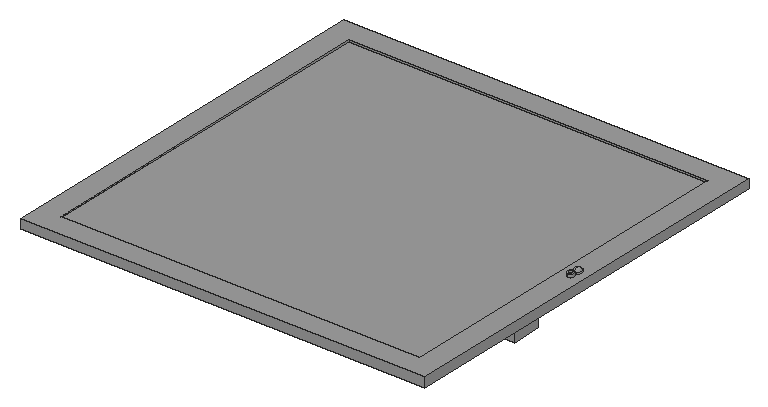
Revit family "0047040 START PANEL FLAT UGR19 600X600 840 SSH", category Lighting Fixtures, host Face, Revit 2016
Family settings
  Host = Face
  Part Type = Normal
  Round Connector Dimension = Use Diameter
  OmniClass Number = 23.80.70.00
  OmniClass Title = Lighting
  Cut with Voids When Loaded = No
  Light Source = Yes
  Shared = No
  Room Calculation Point = No
Parameters
  Weight = "4.4 kg"
  Wattage Comments = ""
  Wattage = 32 W
  WarrantyStartDate [instance] = "n/a"
  WarrantyGuarantorParts = "n/a"
  WarrantyDurationUnit = "n/a"
  WarrantyDurationParts = "n/a"
  WarrantyDescription = "n/a"
  built-in parameter 1150110 = 1 (stored number, unit not read)
  Voltage = 230 V
  URL = "http://www.sylvania-lighting.com"
  TypeName = "START PANEL FLAT UGR19 600X600 840 SSH"
  Type Image = <None>
  Type Comments = "n/a"
  built-in parameter 1114217 = 1 (stored number, unit not read)
  Tilt Angle = -90.00°
  built-in parameter 1150109 = 1 (stored number, unit not read)
  built-in parameter 1150134 = 12
  built-in parameter 1150113 = 1 (stored number, unit not read)
  SerialNumber [instance] = "n/a"
  Photometric Web File = "0047040.ies"
  Material_3_FEILO = none
  PowerFactor = 0
  PowerConsumption = "32 W"
  NominalLength = 596 mm
  NominalHeight = 50 mm
  NominalDepth = 596 mm
  Name = "START PANEL FLAT UGR19 600X600 840 SSH"
  ModelReference = Name  # "START PANEL FLAT UGR19 600X600 840 SSH"
  ModelNumber = "0047040"
  Model = Name  # "START PANEL FLAT UGR19 600X600 840 SSH"
  Material = "n/a"
  ManufacturerName = "Feilo Sylvania"
  Manufacturer = "Feilo Sylvania"
  LuminousEfficacy = "109.3 lm/W"
  built-in parameter 1150105 = 1421.5 (stored number, unit not read)
  Lumens = 3497.6 lm
  LuminaireType = ""
  built-in parameter 1150115 = 1 (stored number, unit not read)
  LightOutputRatio = "n/a"
  built-in parameter 1150137 = (empty or 0)
  built-in parameter 1150139 = (empty or 0)
  Length_SYL = 596 mm
  LengthInner_SYL = 530 mm
  LampsType = Lamp  # "LED"
  LampNominalLuminous = "3500 lm"
  LampMacAdamStep = "n/a"
  LampColourTemperature = "4000 K"
  LampColourRenderingIndex = "80"
  built-in parameter 1150112 = 1 (stored number, unit not read)
  built-in parameter 1150114 = 1 (stored number, unit not read)
  Lamp = "LED"
  Keynote = "16500"
  InstallationDate [instance] = "n/a"
  InputVoltage = "220-240V~"
  InputNominalFrequency = "50/60 Hz"
  built-in parameter 1150132 = (empty or 0)
  built-in parameter 1150102 = (empty or 0)
  built-in parameter 1150107 = 4000 (stored number, unit not read)
  built-in parameter 1150138 = (empty or 0)
  IngressProtection = "IP20/40"
  ImpactProtectionIndex = "IK06"
  built-in parameter 1150106 = 14.215 (stored number, unit not read)
  IfcExportType = "IfcLightFixtureType"
  IfcExportAs = "IfcLightFixtureType"
  ExpectedLife = 50000
  Emit from Rectangle Width = 540 mm
  Emit from Rectangle Length = 540 mm
  Emit Shape Visible in Rendering = no
  ElectricShockClassification = "Class II"
  built-in parameter 1150104 = 10.154 (stored number, unit not read)
  DurationUnit = "hours"
  DocumentationLiterature = "http://www.sylvania-lighting.com/product/en-int/products/0047040"
  DimmingControlOptions = "n/a"
  Material_2_FEILO = LED-Sylvania-StartFlat
  Dimming Lamp Color Temperature Shift = (empty or 0)
  Description = ""
  Default Elevation = 1219.2 mm
  CreatedOn = "8/13/2018"
  CreatedBy = "@sylvania-lighting.com"
  Cost = 0
  Color Filter = 16777215
  built-in parameter 1114216 [instance] = (empty or 0)
  ClassificationValue = "EF_70_80"
  ClassificationName = "Uniclass2015"
  Material_1_FEILO = Body-Sylvania-StartFlat-White
  BarCode [instance] = "n/a"
  built-in parameter 1114218 = 1 (stored number, unit not read)
  built-in parameter 1150133 = 10 (stored number, unit not read)
  AssetType = "Fixed"
  AssetIdentifier [instance] = "n/a"
  Assembly Code = "D5020200"
  Apparent Load = 32 VA
  Material_4_FEILO = none
Reference planes
  plane 1 "Center (Front/Back)": y = 0
  plane 2: z = 0
  plane 3 "Center (Left/Right)": x = 0
  plane 4: x = 298
  plane 5: x = -298
  plane 6: y = 298
  plane 7: y = -298
  plane 8: x = -265
  plane 9: y = 265
  plane 10: x = 265
  plane 11: y = -265
  plane 12: y = 39.5
  plane 13: y = -39.5
  plane 14: x = -61.5
  plane 15: x = 61.5
  plane 16: y = -85
  plane 17: y = -128
  plane 18: x = 294
  plane 19: z = 13.5
  plane 20: z = -17
  plane 21: z = -30
  plane 22: x = -50.5
  plane 23: z = -19
  plane 24: z = 11.5
  plane 25: y = 6.5
  plane 26: y = -6.5
  plane 27: x = 280
  plane 28: y = 12.5
  plane 29: y = 0.5
  plane 30: z = 18.4
Forms (mm)
  Extrusion 1, solid, material "Body-Sylvania-StartFlat-White" <- "Material_1_FEILO"
    sketch origin (0, 0, 0) x (1, 0, 0) y (0, 1, 0)
      loop
        line (-298, 298) -> (-298, -298) -> (298, -298) -> (298, 298) -> (-298, 298)
      loop
        line (-265, 265) -> (-265, -265) -> (265, -265) -> (265, 265) -> (-265, 265)
    from 0 to 13.5
  Extrusion 2, solid, material "Body-Sylvania-StartFlat-White" <- "Material_1_FEILO"
    sketch origin (0, 0, 0) x (1, 0, 0) y (0, 1, 0)
      loop
        line (-265, 265) -> (-265, -265) -> (265, -265) -> (265, 265) -> (-265, 265)
    from 0 to 11.5
  Extrusion 3, solid, material "Body-Sylvania-StartFlat-White" <- "Material_1_FEILO"
    sketch origin (0, 0, 0) x (1, 0, 0) y (0, 0, 1)
      loop
        line (-61.5, 0) -> (-61.5, -19) -> (-50.5, -30) -> (61.5, -30) -> (61.5, 0) -> (-61.5, 0)
    from 39.5 to -39.5
  Extrusion 4, solid, material "Body-Sylvania-StartFlat-White" <- "Material_1_FEILO"
    sketch origin (0, 0, 0) x (1, 0, 0) y (0, 1, 0)
      loop
        line (294, -128) -> (294, -85) -> (265, -85) -> (265, -128) -> (294, -128)
    from 0 to -17
  Revolve 5, solid, material "Body-Sylvania-StartFlat-White" <- "Material_1_FEILO"
    sketch origin (280, 270, 1219.2) x (0, 1, 0) y (0, 0, 1)
      loop
        line (-263.5, -1205.7) -> (-257.5, -1205.7) -> (-257.5, -1204.752) -> (-258.442, -1204.752)
        arc (-258.442, -1204.752) -> (-260.251, -1201.854) -> (-263.5, -1200.8) r 4.987
        line (-263.5, -1200.8) -> (-263.5, -1205.7)
      axis (-263.5, -1200.8) -> (-263.5, -1205.7)
    angle from 360 to 0
  Revolve 6, solid, material "Body-Sylvania-StartFlat-White" <- "Material_1_FEILO"
    sketch origin (280, 270, 1219.2) x (0, 1, 0) y (0, 0, 1)
      loop
        line (-276.5, -1205.7) -> (-271.9, -1205.7) -> (-272.254, -1201.649)
        arc (-272.254, -1201.649) -> (-272.424, -1201.304) -> (-272.782, -1201.165) r 0.53
        line (-272.782, -1201.165) -> (-273.654, -1201.165) -> (-273.943, -1204.474) -> (-276.5, -1204.474) -> (-276.5, -1205.7)
      axis (-276.5, -1201.165) -> (-276.5, -1205.7)
    angle from 360 to 0
Cuts and joins
  joined: Extrusion 1, Extrusion 2
Dimensions and locks
  equal spacing: plane 7, plane 1 "Center (Front/Back)", plane 6
  equal spacing: plane 5, plane 3 "Center (Left/Right)", plane 4
  "Length_SYL": plane 5 to plane 4
  "Length_SYL": plane 7 to plane 6
  equal spacing: plane 8, plane 3 "Center (Left/Right)", plane 10
  equal spacing: plane 11, plane 1 "Center (Front/Back)", plane 9
  locked: plane 17 to plane 16 at 43
  equal spacing: plane 14, plane 3 "Center (Left/Right)", plane 15
  plane 14 to plane 15 = 123 mm
  locked: plane 18 to plane 4 at 4
  locked: plane 19 to plane 2 at 13.5
  locked: plane 2 to plane 20 at 17
  locked: plane 2 to plane 21 at 30
  locked: plane 22 to plane 14 at 11
  locked: plane 23 to plane 21 at 11
  locked: plane 19 to plane 24 at 2
  plane 26 to plane 1 "Center (Front/Back)" to plane 25 = 6.5 mm locked, 6.5 mm locked
  locked: plane 10 to plane 27 at 15
  "LengthInner_SYL": plane 8 to plane 10
  "LengthInner_SYL": plane 11 to plane 9
  aligned and locked: plane 2 to host face
  aligned and locked: level to host face
  aligned and locked: plane 6 to Extrusion 1 sketch curve
  aligned and locked: plane 5 to Extrusion 1 sketch curve
  aligned and locked: Extrusion 1 sketch curve to plane 7
  aligned and locked: Extrusion 1 sketch curve to plane 4
  aligned and locked: plane 9 to Extrusion 1 sketch curve
  aligned and locked: plane 8 to Extrusion 1 sketch curve
  aligned and locked: Extrusion 1 sketch curve to plane 11
  aligned and locked: Extrusion 1 sketch curve to plane 10
  aligned and locked: Extrusion 1 to plane 19
  aligned and locked: Extrusion 1 to level
  aligned and locked: Extrusion 2 sketch curve to Extrusion 1  (x4)
  aligned and locked: Extrusion 2 to level
  aligned and locked: Extrusion 2 to plane 24
  aligned and locked: level to Extrusion 3 sketch curve  (x2)
  aligned and locked: Extrusion 3 sketch curve to plane 14
  aligned and locked: Extrusion 3 sketch curve to plane 21
  aligned and locked: plane 15 to Extrusion 3 sketch curve
  aligned and locked: plane 13 to Extrusion 3
  aligned and locked: Extrusion 3 to plane 12
  aligned and locked: Extrusion 4 sketch curve to plane 17
  aligned and locked: Extrusion 4 sketch curve to plane 18
  aligned and locked: plane 16 to Extrusion 4 sketch curve
  aligned and locked: plane 10 to Extrusion 4 sketch curve
  aligned and locked: Extrusion 4 to plane 20
  aligned and locked: level to Extrusion 4
  aligned and locked: Revolve 5 sketch curve to plane 25
  aligned and locked: Revolve 5 sketch curve to plane 28
  aligned and locked: plane 30 to Revolve 5 sketch curve
  aligned and locked: Revolve 6 sketch curve to plane 26
  aligned and locked: plane 26 to Revolve 6 sketch curve  (x2)
  aligned and locked: plane 19 to Revolve 6 sketch curve
  aligned and locked: plane 3 "Center (Left/Right)" to imposter light
  aligned and locked: imposter light to plane 24
  aligned and locked: imposter light to plane 1 "Center (Front/Back)"
Automatic sketch dimensions
  host sketch curve to host sketch curve = 2438.4 mm  (x2)
  Extrusion 3 sketch curve to plane 22 = 0 mm
  Extrusion 3 sketch curve to plane 23 = 0 mm
  plane 19 to Revolve 5 sketch curve = 0 mm
  Revolve 5 sketch curve to plane 25 = 0 mm
  plane 19 to Revolve 5 sketch curve = 0.084 mm
  Revolve 5 sketch curve to plane 25 = 0.179 mm
  plane 28 to Revolve 5 sketch curve = 0.942 mm
  Revolve 5 sketch curve to plane 21 = 274.8 mm
  Revolve 5 sketch curve to plane 30 = 2420 mm
  Revolve 6 sketch curve to plane 19 = 1.226 mm
  Revolve 6 sketch curve to plane 26 = 2.557 mm
  plane 30 to Revolve 6 sketch curve = 0.365 mm
  Revolve 6 sketch curve to plane 26 = 2.846 mm
  Revolve 6 sketch curve to Revolve 6 sketch curve = 0.871 mm
  plane 30 to Revolve 6 sketch curve = 0.849 mm
  Revolve 6 sketch curve to Revolve 6 sketch curve = 0.528 mm
  plane 1 "Center (Front/Back)" to Revolve 6 sketch curve = 1.9 mm
  Revolve 6 sketch curve to plane 21 = 274.8 mm
  Revolve 6 sketch curve to plane 30 = 2420 mm
